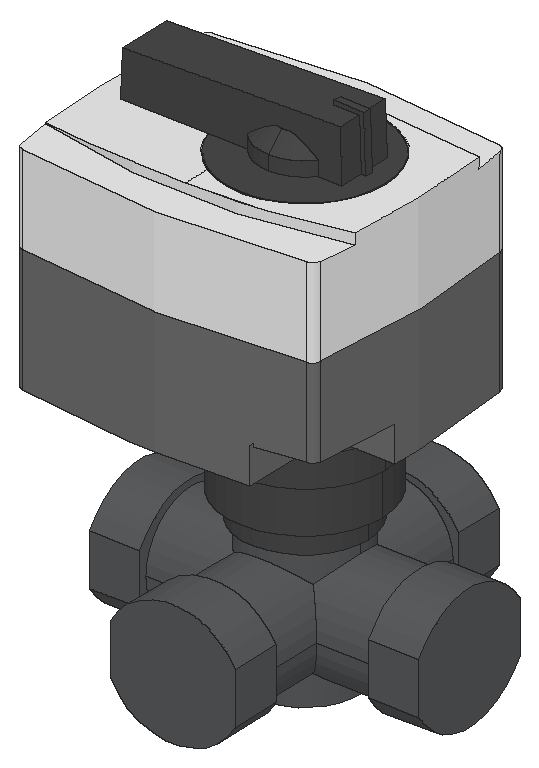
Revit family "HRE4_DN20-50_AMB 162(182)_RFA", category Pipe Accessories, Revit 2019
Family settings
  Round Connector Dimension = Use Diameter
  Part Type = Valve - Breaks Into
  OmniClass Number = 23.65.55.14.17
  OmniClass Title = Adjusting/Controlling Valves for Liquid Services
  Work Plane-Based = No
  Always vertical = Yes
  Cut with Voids When Loaded = No
  Shared = No
Parameters (values of type "HRE4_DN20_065Z0423")
  connector length = 16 mm
  horizontal body diameter = 36 mm
  h2 = 22.5 mm
  h1 = 22.5 mm
  diameter3 = 36 mm
  diameter2 = 40.7 mm
  diameter1 = 50 mm
  connector width = 40 mm
  connector radius = 23 mm
  connector height = 16.5 mm
  Weight = 1.10 kg
  W = A + A  # 105 mm
  Voltage = if(or(Actuator Type = [082H0273], Actuator Type = [082H0228], Actuator Type = [082H0225], Actuator Type = [082H0226], Actuator Type = [082H0229], Actuator Type = [082H0227], Actuator Type = [082H0277], Actuator Type = [082H0240], Actuator Type = [082H0239], Actuator Type = [082H0232]), 230 V, 24 V)  # 24 V
  Valve Body Material = Danfoss Cast Iron
  URL = "https://store.danfoss.com/en/Climate-Solutions-for-heating/Motorised-Control-Valves-/Rotary-Valves/Valves-for-Central-Heating/c/4115?q=%3Arelevance%3Adanfoss_producttypehierarchydesc%3A0213e92a84e856f12a2432f4b34d33a22c7778d2&text="
  Pressure Drop [instance] = 0.0 Pa
  Power = if(or(Actuator Type = [082H0277], Actuator Type = [082H0276], Actuator Type = [082H0240], Actuator Type = [082H0239], Actuator Type = [082H0232], Actuator Type = [082H0236], Actuator Type = [082H0235], Actuator Type = [082H0231], Actuator Type = [082H0241]), 3.5 VA, 2.5 VA)  # 2.5 VA
  Operating Torque = "5 Nm"  # constant formula
  Nominal Pressure = "PN 6"  # constant formula
  Model Type = "HRE4_DN20"
  Model = "065Z0423"
  Min Medium Temperature = "2°C"  # constant formula
  Max Medium Temperature = "110 °C"  # constant formula
  Manufacturer = "Danfoss"  # constant formula
  LOD 350 = not(LOD 200)  # yes
  LOD 200 = no
  L = 105 mm
  Kvs = 6.3 m³/h
  IfcExportType = "HRE4"  # constant formula
  IfcExportAs = "IfcValveType"  # constant formula
  Ha = 145.185 mm
  H = 168.185 mm
  Flow [instance] = 0.0 m³/h
  Description = "Motorized Control Valve"  # constant formula
  D = 20 mm
  Connection = "Internal Thread"  # constant formula
  Actuator Type = AMB 162(182)_RFA : AMB 162_3-point_24V_30s/°_082H0211_082H0216
  A = 52.5 mm
  082H0277 = AMB 162(182)_RFA : AMB 182_2-point_230V_60s/°_082H0275_082H0277
  082H0276 = AMB 162(182)_RFA : AMB 182_2-point_24V_60s/°_082H0274_082H0276
  082H0273 = AMB 162(182)_RFA : AMB 162_2-point_230V_15s/°_082H0271_082H0273
  082H0241 = AMB 162(182)_RFA : AMB 182_Modulating_24V_60/90/120s/°_082H0241
  082H0240 = AMB 162(182)_RFA : AMB 182_3-point_230V_240s/°_082H0238_082H0240
  082H0239 = AMB 162(182)_RFA : AMB 182_3-point_230V_60s/°_082H0237_082H0239
  082H0236 = AMB 162(182)_RFA : AMB 182_3-point_24V_240s/°_082H0234_082H0236
  082H0235 = AMB 162(182)_RFA : AMB 182_3-point_24V_60s/°_082H0233_082H0235
  082H0232 = AMB 162(182)_RFA : AMB 182_3-point_230V_60s/°_10Nm_082H0232
  082H0231 = AMB 162(182)_RFA : AMB 182_3-point_24V_60s/°_10Nm_082H0231
  082H0229 = AMB 162(182)_RFA : AMB 162_3-point_230V_480s/°_082H0224_082H0229
  082H0228 = AMB 162(182)_RFA : AMB 162_3-point_230V_120s/°_082H0223_082H0228
  082H0227 = AMB 162(182)_RFA : AMB 162_3-point_230V_60s/°_082H0222_082H0227
  082H0226 = AMB 162(182)_RFA : AMB 162_3-point_230V_30s/°_082H0221_082H0226
  082H0225 = AMB 162(182)_RFA : AMB 162_3-point_230V_15s/°_082H0220_082H0225
Types (6, lengths in mm): name | connector length | horizontal body diameter | h2 | h1 | diameter3 | diameter2 | diameter1 | connector width | connector radius | connector height | Weight | W | Model Type | Model | L | Kvs | Ha | H | D | A
  (no name) | 16 | 36 | 22.5 | 22.5 | 36 | 40.7 | 50 | 40 | 23 | 16.5 | 1.10 kg | 105 | "HRE4_DN20" | "065Z0423" | 105 | 6.3 m³/h | 145.185 | 168.185 | 20 | 52.5
  HRE4_DN20_065Z0423 | 16 | 36 | 22.5 | 22.5 | 36 | 40.7 | 50 | 40 | 23 | 16.5 | 1.10 kg | 105 | "HRE4_DN20" | "065Z0423" | 105 | 6.3 m³/h | 145.185 | 168.185 | 20 | 52.5
  HRE4_DN25_065Z0424 | 16 | 44 | 25 | 26 | 45 | 49.7 | 60 | 46 | 27 | 21.2 | 1.40 kg | 108 | "HRE4_DN25" | "065Z0424" | 108 | 10.0 m³/h | 148.685 | 173.685 | 25 | 54
  HRE4_DN32_065Z0425 | 16 | 51 | 30.5 | 36 | 51 | 55.8 | 66 | 55 | 31.5 | 21.3 | 1.90 kg | 115 | "HRE4_DN32" | "065Z0425" | 115 | 16.0 m³/h | 158.685 | 188.685 | 32 | 57.5
  HRE4_DN40_065Z0426 | 20 | 60 | 31 | 36 | 58 | 62.8 | 73 | 60 | 34 | 24.7 | 2.30 kg | 120 | "HRE4_DN40" | "065Z0426" | 120 | 25.0 m³/h | 158.685 | 189.685 | 40 | 60
  HRE4_DN50_065Z0427 | 20 | 72 | 34 | 42 | 71 | 75.9 | 86 | 80 | 45 | 32.9 | 4.20 kg | 156 | "HRE4_DN50" | "065Z0427" | 156 | 40.0 m³/h | 164.685 | 205.685 | 50 | 78
Reference planes
  plane 1 "Center (Front/Back)": y = 0
  plane 2: z = 0
  plane 3 "Center (Left/Right)": x = 0
  plane 4: x = -52.5
  plane 5: x = 52.5
  plane 6: z = 30.5
  plane 7: y = 52.5
  plane 8: z = 44.5
  plane 9: z = 46
  plane 10: z = 22.5
  plane 11: z = -22.5
  plane 12: x = -36.5
  plane 13: x = 36.5
  plane 14: z = -18
  plane 15: z = 18
  plane 16: y = -20
  plane 17: y = 20
  plane 18: y = -27.5
  plane 19: y = 27.5
  plane 20: y = 36.5
  plane 21: x = 20
  plane 22: x = -20
  plane 23: y = -52.5
  plane 24: z = 605.203
  plane 25: z = 89.035
  plane 26: z = -22.5
  plane 27: y = -52.5
  plane 28: y = -36.5
  plane 29: z = 145.185
  plane 30: z = -23
Forms (mm)
  Extrusion 1, solid, material "Danfoss Plastic Black", visible <- "LOD 350", detail levels fine
    sketch origin (0, 0, 0) x (1, 0, 0) y (0, 1, 0)
      loop
        circle (0, 0) r 5.8
    from 44.5 to 46
  Extrusion 2, solid, material "Danfoss Plastic Black", visible <- "LOD 350", detail levels fine
    sketch origin (0, 0, 0) x (1, 0, 0) y (0, 1, 0)
      loop
        circle (0, 0) r 25
    from 30.5 to 44.5
  Extrusion 3, solid, material "Danfoss Plastic Black", visible <- "LOD 350", detail levels fine
    sketch origin (0, 0, 0) x (1, 0, 0) y (0, 1, 0)
      loop
        circle (0, 0) r 20.35
    from 22.5 to 30.5
  Extrusion 4, solid, material "Danfoss Cast Iron" <- "Valve Body Material", detail levels fine
    sketch origin (0, 0, 0) x (1, 0, 0) y (0, 1, 0)
      loop
        circle (0, 0) r 18
    from -22.5 to 22.5
  Extrusion 5, solid, material "Danfoss Cast Iron" <- "Valve Body Material", visible <- "LOD 350", detail levels fine
    sketch origin (0, 0, 0) x (0, 1, 0) y (0, 0, 1)
      loop
        circle (0, 0) r 18
    from -36.5 to 36.5
  Extrusion 6, solid, material "Danfoss Cast Iron" <- "Valve Body Material", visible <- "LOD 350", detail levels fine
    sketch origin (0, 0, 0) x (0, 1, 0) y (0, 0, 1)
      loop
        arc (-20, -8.25) -> (0, -19.892) -> (20, -8.25) r 23
        line (20, -8.25) -> (20, 8.25)
        arc (20, 8.25) -> (0, 19.892) -> (-20, 8.25) r 23
        line (-20, 8.25) -> (-20, -8.25)
    from 36.5 to 52.5
  Extrusion 7, solid, material "Danfoss Cast Iron" <- "Valve Body Material", visible <- "LOD 350", detail levels fine
    sketch origin (19.35, 72.838, 0) x (-1, 0, 0) y (0, 0, 1)
      loop
        arc (-0.65, -8.25) -> (19.35, -19.892) -> (39.35, -8.25) r 23
        line (39.35, -8.25) -> (39.35, 8.25)
        arc (39.35, 8.25) -> (19.35, 19.892) -> (-0.65, 8.25) r 23
        line (-0.65, 8.25) -> (-0.65, -8.25)
    from -36.338 to -20.338
  Extrusion 8, solid, material "Danfoss Cast Iron" <- "Valve Body Material", visible <- "LOD 350", detail levels fine
    sketch origin (55.623, 150.351, 0) x (-1, 0, 0) y (0, 0, 1)
      loop
        circle (55.623, 0) r 18
    from -186.851 to -113.851
  Extrusion 9, solid, material "Danfoss Cast Iron" <- "Valve Body Material", visible <- "LOD 350", detail levels fine
    sketch origin (0, 0, 0) x (0, 1, 0) y (0, 0, 1)
      loop
        arc (-20, -8.25) -> (0, -19.892) -> (20, -8.25) r 23
        line (20, -8.25) -> (20, 8.25)
        arc (20, 8.25) -> (0, 19.892) -> (-20, 8.25) r 23
        line (-20, 8.25) -> (-20, -8.25)
    from -52.5 to -36.5
  Extrusion 10, solid, material "Danfoss Cast Iron" <- "Valve Body Material", visible <- "LOD 200", detail levels fine
    sketch origin (0, 0, 0) x (0, 1, 0) y (0, 0, 1)
      loop
        circle (0, 0) r 20
    from -52.5 to 52.5
  Extrusion 11, solid, material "Danfoss Plastic Black", visible <- "LOD 200", detail levels fine
    sketch origin (0, 0, 0) x (1, 0, 0) y (0, 1, 0)
      loop
        circle (0, 0) r 25
    from 22.5 to 46
  Extrusion 12, solid, material "Danfoss Cast Iron" <- "Valve Body Material", visible <- "LOD 200", detail levels fine
    sketch origin (0, 0, 0) x (1, 0, 0) y (0, 0, 1)
      loop
        circle (0, 0) r 20
    from -52.5 to 52.5
  Extrusion 13, solid, material "Danfoss Cast Iron" <- "Valve Body Material", visible <- "LOD 350", detail levels fine
    sketch origin (19.35, -72.838, 0) x (-1, 0, 0) y (0, 0, -1)
      loop
        line (-0.65, 8.25) -> (-0.65, -8.25)
        arc (-0.65, -8.25) -> (19.35, -19.892) -> (39.35, -8.25) r 23
        line (39.35, -8.25) -> (39.35, 8.25)
        arc (39.35, 8.25) -> (19.35, 19.892) -> (-0.65, 8.25) r 23
    from -36.338 to -20.338
Dimensions and locks
  equal spacing: plane 5, plane 3 "Center (Left/Right)", plane 4
  "L": plane 5 to plane 4
  "A": plane 7 to plane 1 "Center (Front/Back)"
  locked: plane 8 to plane 6 at 14
  locked: plane 9 to plane 8 at 1.5
  locked: plane 6 to plane 10 at 8
  "h1": plane 10 to level
  "h2": level to plane 11
  equal spacing: plane 15, level, plane 14
  "horizontal body diameter": plane 15 to plane 14
  equal spacing: plane 16, plane 1 "Center (Front/Back)", plane 17
  "connector width": plane 16 to plane 17
  "connector length": plane 13 to plane 5
  "connector length": plane 12 to plane 4
  equal spacing: Extrusion 6 sketch curve, level, Extrusion 6 sketch curve  (x2)
  "connector height": Extrusion 6 sketch curve to Extrusion 6 sketch curve  (x2)
  "connector length": plane 7 to plane 20
  "connector height": Extrusion 7 sketch curve to Extrusion 7 sketch curve  (x2)
  equal spacing: plane 22, plane 3 "Center (Left/Right)", plane 21
  "connector width": plane 22 to plane 21
  equal spacing: Extrusion 7 sketch curve, level, Extrusion 7 sketch curve  (x2)
  "connector height": Extrusion 9 sketch curve to Extrusion 9 sketch curve  (x2)
  equal spacing: Extrusion 9 sketch curve, level, Extrusion 9 sketch curve  (x2)
  "W": plane 23 to plane 7
  locked: plane 25 to plane 9 at 43.035
  "A": plane 27 to plane 1 "Center (Front/Back)"
  "connector length": plane 28 to plane 27
  "connector height": Extrusion 13 sketch curve to Extrusion 13 sketch curve  (x2)
  equal spacing: Extrusion 13 sketch curve, level, Extrusion 13 sketch curve  (x2)
  plane 9 to nested 2 = 4 mm
  "H": plane 29 to plane 30
  "Ha": plane 29 to level
  "diameter1": diameter of Extrusion 2 sketch curve
  "diameter2": diameter of Extrusion 3 sketch curve
  "diameter3": diameter of Extrusion 4 sketch curve
  "horizontal body diameter": diameter of Extrusion 5 sketch curve
  "connector radius": radius of Extrusion 6 sketch curve  (x2)
  "connector radius": radius of Extrusion 7 sketch curve  (x2)
  "horizontal body diameter": diameter of Extrusion 8 sketch curve
  "connector radius": radius of Extrusion 9 sketch curve  (x2)
  "connector width": diameter of Extrusion 10 sketch curve
  "diameter1": diameter of Extrusion 11 sketch curve
  "connector width": diameter of Extrusion 12 sketch curve
  "connector radius": radius of Extrusion 13 sketch curve  (x2)
  aligned and locked: level to plane 2
  aligned and locked: plane 9 to Extrusion 1
  aligned and locked: Extrusion 1 to plane 8
  aligned and locked: plane 6 to Extrusion 2
  aligned and locked: plane 8 to Extrusion 2
  aligned and locked: Extrusion 3 to plane 10
  aligned and locked: Extrusion 3 to plane 6
  aligned and locked: Extrusion 4 to plane 11
  aligned and locked: plane 10 to Extrusion 4
  aligned and locked: plane 12 to Extrusion 5
  aligned and locked: Extrusion 5 to plane 13
  aligned and locked: plane 13 to Extrusion 6
  aligned and locked: plane 5 to Extrusion 6
  aligned and locked: plane 16 to Extrusion 6 sketch curve
  aligned and locked: Extrusion 7 to plane 20
  aligned and locked: plane 7 to Extrusion 7
  aligned and locked: plane 21 to Extrusion 7 sketch curve
  aligned and locked: plane 22 to Extrusion 7 sketch curve
  aligned and locked: plane 20 to Extrusion 8
  aligned and locked: Extrusion 9 to plane 4
  aligned and locked: Extrusion 9 to plane 12
  aligned and locked: Extrusion 10 to plane 4
  aligned and locked: plane 5 to Extrusion 10
  aligned and locked: plane 9 to Extrusion 11
  aligned and locked: Extrusion 11 to plane 10
  aligned and locked: plane 7 to Extrusion 12
  aligned and locked: Extrusion 8 to plane 28
  aligned and locked: Extrusion 12 to plane 27
  aligned and locked: plane 28 to Extrusion 13
  aligned and locked: Extrusion 13 to plane 27
  aligned and locked: plane 1 "Center (Front/Back)" to nested 2
  aligned and locked: plane 3 "Center (Left/Right)" to nested 2
  aligned and locked: plane 8 to nested 2
Automatic sketch dimensions
  plane 1 "Center (Front/Back)" to Extrusion 1 sketch curve = 0 mm
  Extrusion 1 sketch curve to plane 3 "Center (Left/Right)" = 0 mm
  plane 1 "Center (Front/Back)" to Extrusion 2 sketch curve = 0 mm
  Extrusion 2 sketch curve to plane 3 "Center (Left/Right)" = 0 mm
  plane 1 "Center (Front/Back)" to Extrusion 3 sketch curve = 0 mm
  Extrusion 3 sketch curve to plane 3 "Center (Left/Right)" = 0 mm
  plane 1 "Center (Front/Back)" to Extrusion 4 sketch curve = 0 mm
  Extrusion 4 sketch curve to plane 3 "Center (Left/Right)" = 0 mm
  Extrusion 5 sketch curve to level = 0 mm
  Extrusion 5 sketch curve to plane 1 "Center (Front/Back)" = 0 mm
  Extrusion 6 sketch curve to plane 1 "Center (Front/Back)" = 0 mm
  Extrusion 8 sketch curve to level = 0 mm
  Extrusion 8 sketch curve to plane 3 "Center (Left/Right)" = 0 mm
  Extrusion 9 sketch curve to plane 16 = 0 mm
  Extrusion 9 sketch curve to plane 1 "Center (Front/Back)" = 0 mm
  Extrusion 10 sketch curve to level = 0 mm
  Extrusion 10 sketch curve to plane 1 "Center (Front/Back)" = 0 mm
  plane 1 "Center (Front/Back)" to Extrusion 11 sketch curve = 0 mm
  Extrusion 11 sketch curve to plane 3 "Center (Left/Right)" = 0 mm
  Extrusion 12 sketch curve to level = 0 mm
  Extrusion 12 sketch curve to plane 3 "Center (Left/Right)" = 0 mm
  plane 21 to Extrusion 13 sketch curve = 0 mm
  Extrusion 13 sketch curve to plane 3 "Center (Left/Right)" = 0 mm
  radius of Extrusion 1 sketch curve = 5.8 mm
Nested families
  nested 1: "HRE4 Symbol_Actuator" at (0, 0, 0), horiontal body diameter <- "horizontal body diameter", A <- "A", length <- "L", type "HRE4 Symbol_Actuator", detail levels coarse+medium
    with length 105 mm, horiontal body diameter 36 mm, D/2 18 mm, A 52.5 mm
  nested 2: "AMB 162(182)_RFA" at (0, 0, 44.5), LOD 200 <- "LOD 200", Voltage <- "Voltage", Power <- "Power", type <- "Actuator Type", type "AMB 162_3-point_24V_30s/°_082H0211_082H0216", detail levels fine
    with Voltage 24 V, Power 2.5 VA, LOD 350 yes, LOD 200 no
Connectors
  piping at (52.5, 0, 0), diameter 20, driven by "D", driven by "Flow"
    settings: on Extrusion 6, index 1, connector inside diameter 609.6 mm, connector length 0 mm, flow factor 0, pipe flow 0.0 m³/h, pressure drop 0.0 Pa, fitting loss kfactor 0, connector angle 0.00°, fixture units 0, engagement length 0 mm, angle of deflection 0.00°, flow configuration 0, flow direction 0, fitting loss method 0, system type 29, joint type 0, gender type 0, connector reference index 4, connector utility 0, adjustable connector no, is connector primary yes, connector description ""
  piping at (-52.5, 0, 0), diameter 20, driven by "D", driven by "Flow"
    settings: on Extrusion 9, index 2, connector inside diameter 609.6 mm, connector length 0 mm, flow factor 0, pipe flow 0.0 m³/h, pressure drop 0.0 Pa, fitting loss kfactor 0, connector angle 0.00°, fixture units 0, engagement length 0 mm, angle of deflection 0.00°, flow configuration 0, flow direction 0, fitting loss method 0, system type 29, joint type 0, gender type 0, connector reference index 3, connector utility 0, adjustable connector no, is connector primary no, connector description ""
  piping at (0, 52.5, 0), diameter 20, driven by "D", driven by "Flow"
    settings: on Extrusion 12, index 3, connector inside diameter 609.6 mm, connector length 0 mm, flow factor 0, pipe flow 0.0 m³/h, pressure drop 0.0 Pa, fitting loss kfactor 0, connector angle 0.00°, fixture units 0, engagement length 0 mm, angle of deflection 0.00°, flow configuration 0, flow direction 0, fitting loss method 0, system type 29, joint type 0, gender type 0, connector reference index 2, connector utility 0, adjustable connector no, is connector primary no, connector description ""
  piping at (0, -52.5, 0), diameter 20, driven by "D", driven by "Flow"
    settings: on Extrusion 13, index 4, connector inside diameter 609.6 mm, connector length 0 mm, flow factor 0, pipe flow 0.0 m³/h, pressure drop 0.0 Pa, fitting loss kfactor 0, connector angle 0.00°, fixture units 0, engagement length 0 mm, angle of deflection 0.00°, flow configuration 0, flow direction 0, fitting loss method 0, system type 29, joint type 0, gender type 0, connector reference index 1, connector utility 0, adjustable connector no, is connector primary no, connector description ""
  electrical at (0, 0, 0), driven by "Voltage", driven by "Power"
    settings: index 10, voltage 24 V, apparent load 0 VA, apparent load phase1 2.5 VA, apparent load phase2 0 VA, apparent load phase3 0 VA, power factor 0.95, load classification "HVAC", number of poles 1, system type 31, power factor state 1, is connector primary yes, connector utility no, sub classification motor no, connector description ""
Definition of nested family "AMB 162(182)_RFA"
  Parameters (values of type "AMB 182_Modulating_24V_60/90/120s/°_082H0241")
    With Auxiliary Switch = "NA"
    Weight = 0.80 kg
    W = 84 mm
    Voltage [instance] = 24 V
    URL = "https://store.danfoss.com/en/Climate-Solutions-for-heating/Motorised-Control-Valves/Actuators-without-safety-function-for-rotary-valves/c/4113?q=%3Arelevance&text="
    Type Comments = ""
    Speed = "60/90/120 s/°"
    Power Supply = "24 VAC/DC"
    Power Consumption = "3.5 VA"
    Power [instance] = 3.5 VA
    Operating Torque = "15 Nm"
    Model Type = "AMB 182_Modulating_24V_60/90/120s/°"
    Model = "082H0241"
    Min Ambient Temperature = "0 °C"  # constant formula
    Max Medium Temperature = "110 °C"  # constant formula
    Max Ambient Temperature = "50 °C"  # constant formula
    Manufacturer = "Danfoss"  # constant formula
    LOD 350 [instance] = not(LOD 200)  # yes
    LOD 200 [instance] = no
    L = 101 mm
    IfcExportType = "AMB Actuator"  # constant formula
    IfcExportAs = "IfcActuatorType"  # constant formula
    H = 100.685 mm
    For Rotary Valve DN = "DN15-150"
    Description = "Gear Actuator"  # constant formula
    Control Input Signal = "Modulating"
    Body Material = none
  Types (22, lengths in mm): name | With Auxiliary Switch | Weight | Voltage | Speed | Power Supply | Power Consumption | Power | Operating Torque | Model Type | Model | For Rotary Valve DN | Control Input Signal
    AMB 162_2-point_24V_15s/°_082H0270_082H0272 | "082H0272" | 0.70 kg | 24 V | "15 s/°" | "24 VAC" | "2.5 VA" | 2.5 VA | "5 Nm" | "AMB 162_2-point_24V_15s/°" | "082H0270, 082H0272" | "DN15-50" | "2-point"
    AMB 162_3-point_230V_15s/°_082H0220_082H0225 | "082H0225" | 0.70 kg | 230 V | "15 s/°" | "230 VAC" | "2.5 VA" | 2.5 VA | "5 Nm" | "AMB 162_3-point_230V_15s/°" | "082H0220, 082H0225" | "DN15-50" | "3-point"
    AMB 162_2-point_230V_15s/°_082H0271_082H0273 | "082H0273" | 0.70 kg | 230 V | "15 s/°" | "230 VAC" | "2.5 VA" | 2.5 VA | "5 Nm" | "AMB 162_2-point_230V_15s/°" | "082H0271, 082H0273" | "DN15-50" | "2-point"
    AMB 162_3-point_24V_15s/°_082H0210_082H0215 | "082H0215" | 0.70 kg | 24 V | "15 s/°" | "24 VAC" | "2.5 VA" | 2.5 VA | "5 Nm" | "AMB 162_3-point_24V_15s/°_" | "082H0210, 082H0215" | "DN15-50" | "3-point"
    AMB 162_3-point_24V_30s/°_082H0211_082H0216 | "082H0216" | 0.70 kg | 24 V | "30 s/°" | "24 VAC" | "2.5 VA" | 2.5 VA | "5 Nm" | "AMB 162_3-point_24V_30s/°" | "082H0211, 082H0216" | "DN15-50" | "3-point"
    AMB 162_3-point_24V_60s/°_082H0212_082H0217 | "082H0217" | 0.70 kg | 24 V | "60 s/°" | "24 VAC" | "2.5 VA" | 2.5 VA | "5 Nm" | "AMB 162_3-point_24V_60s/°" | "082H0212, 082H0217" | "DN15-50" | "3-point"
    AMB 162_3-point_24V_120s/°_082H0213_082H0218 | "082H0218" | 0.70 kg | 24 V | "120 s/°" | "24 VAC" | "2.5 VA" | 2.5 VA | "5 Nm" | "AMB 162_3-point_24V_120s/°" | "082H0213, 082H0218" | "DN15-50" | "3-point"
    AMB 162_3-point_24V_480s/°_082H0214_082H0219 | "082H0219" | 0.70 kg | 24 V | "120 s/°" | "24 VAC" | "2.5 VA" | 2.5 VA | "5 Nm" | "AMB 162_3-point_24V_480s/°" | "082H0214, 082H0219" | "DN15-50" | "3-point"
    AMB 162_3-point_230V_30s/°_082H0221_082H0226 | "082H0226" | 0.70 kg | 230 V | "30 s/°" | "230 VAC" | "2.5 VA" | 2.5 VA | "5 Nm" | "AMB 162_3-point_230V_30s/°" | "082H0221, 082H0226" | "DN15-50" | "3-point"
    AMB 162_3-point_230V_60s/°_082H0222_082H0227 | "082H0227" | 0.70 kg | 230 V | "60 s/°" | "230 VAC" | "2.5 VA" | 2.5 VA | "5 Nm" | "AMB 162_3-point_230V_60s/°" | "082H0222, 082H0227" | "DN15-50" | "3-point"
    AMB 162_3-point_230V_120s/°_082H0223_082H0228 | "082H0228" | 0.70 kg | 230 V | "120 s/°" | "230 VAC" | "2.5 VA" | 2.5 VA | "5 Nm" | "AMB 162_3-point_230V_120s/°" | "082H0223, 082H0228" | "DN15-50" | "3-point"
    AMB 162_3-point_230V_480s/°_082H0224_082H0229 | "082H0229" | 0.70 kg | 230 V | "480 s/°" | "230 VAC" | "2.5 VA" | 2.5 VA | "5 Nm" | "AMB 162_3-point_230V_480s/°" | "082H0224, 082H0229" | "DN15-50" | "3-point"
    AMB 162_Modulating_24V_60/90/120s/°_082H0230 | "NA" | 0.70 kg | 24 V | "60/90/120 s/°" | "24 VAC/DC" | "2.5 VA" | 2.5 VA | "5 Nm" | "AMB 162_Modulating_24V_60/90/120s/°" | "082H0230" | "DN15-50" | "Modulating"
    AMB 182_2-point_230V_60s/°_082H0275_082H0277 | "082H0277" | 0.80 kg | 230 V | "60 s/°" | "230 VAC" | "2.5 VA" | 3.5 VA | "15 Nm" | "AMB 182_2-point_230V_60s/°" | "082H0275, 082H0277" | "DN15-150" | "2-point"
    AMB 182_2-point_24V_60s/°_082H0274_082H0276 | "082H0276" | 0.80 kg | 24 V | "60 s/°" | "24 VAC" | "2.5 VA" | 3.5 VA | "15 Nm" | "AMB 182_2-point_24V_60s/°" | "082H0274, 082H0276" | "DN15-150" | "2-point"
    AMB 182_3-point_230V_60s/°_082H0237_082H0239 | "082H0239" | 0.80 kg | 230 V | "60 s/°" | "230 VAC" | "3.5 VA" | 3.5 VA | "15 Nm" | "AMB 182_3-point_230V_60s/°" | "082H0237, 082H0239" | "DN15-150" | "3-point"
    AMB 182_3-point_24V_60s/°_082H0233_082H0235 | "082H0235" | 0.80 kg | 24 V | "60 s/°" | "24 VAC" | "3.5 VA" | 3.5 VA | "15 Nm" | "AMB 182_3-point_24V_60s/°" | "082H0233, 082H0235" | "DN15-150" | "3-point"
    AMB 182_3-point_24V_60s/°_10Nm_082H0231 | "NA" | 0.80 kg | 24 V | "60 s/°" | "24 VAC" | "3.5 VA" | 3.5 VA | "10 Nm" | "AMB 182_3-point_24V_60s/°_10Nm" | "082H0231" | "DN15-100" | "3-point"
    AMB 182_3-point_230V_60s/°_10Nm_082H0232 | "NA" | 0.80 kg | 230 V | "60 s/°" | "230 VAC" | "3.5 VA" | 3.5 VA | "10 Nm" | "AMB 182_3-point_230V_60s/°_10Nm" | "082H0232" | "DN15-100" | "3-point"
    AMB 182_3-point_24V_240s/°_082H0234_082H0236 | "082H0236" | 0.80 kg | 24 V | "240 s/°" | "24 VAC" | "3.5 VA" | 3.5 VA | "15 Nm" | "AMB 182_3-point_24V_240s/°" | "082H0234, 082H0236" | "DN15-150" | "3-point"
    AMB 182_3-point_230V_240s/°_082H0238_082H0240 | "082H0240" | 0.80 kg | 230 V | "240 s/°" | "230 VAC" | "3.5 VA" | 3.5 VA | "15 Nm" | "AMB 182_3-point_230V_240s/°" | "082H0238, 082H0240" | "DN15-150" | "3-point"
    AMB 182_Modulating_24V_60/90/120s/°_082H0241 | "NA" | 0.80 kg | 24 V | "60/90/120 s/°" | "24 VAC/DC" | "3.5 VA" | 3.5 VA | "15 Nm" | "AMB 182_Modulating_24V_60/90/120s/°" | "082H0241" | "DN15-150" | "Modulating"
  Reference planes
    plane 1 "Center (Front/Back)": y = 0
    plane 2: z = 0
    plane 3 "Center (Left/Right)": x = 0
    plane 4: z = 9.5
    plane 5: y = -41.931
    plane 6: y = 42.069
    plane 7: x = 36.5
    plane 8: x = -64.5
    plane 9: y = 36.069
    plane 10: x = 30.5
    plane 11: x = -61.5
    plane 12: x = 33.5
    plane 13: y = 39.069
    plane 14: y = -38.931
    plane 15: x = -58.5
    plane 16: y = -35.931
    plane 17: x = -14
    plane 18: z = 49.5
    plane 19: y = 36.069
    plane 20: x = 160.5
    plane 21: x = 68.5
    plane 22: x = 163.5
    plane 23: y = 39.069
    plane 24: y = -38.931
    plane 25: x = 71.5
    plane 26: y = -35.931
    plane 27: x = 116
    plane 28: z = 81.472
    plane 29: y = -9.5
    plane 30: z = 100.685
  Forms (mm)
    Revolve 1, solid, detail levels fine
      sketch origin (0, 0, 0) x (1, 0, 0) y (0, 0, 1)
        loop
          line (0, 9.5) -> (0, 0) -> (26, 0) -> (26, 9.5) -> (0, 9.5)
        axis (0, 9.5) -> (0, 0)
      angle from 0 to 360
    Extrusion 2, solid, visible <- "LOD 350", detail levels fine
      sketch origin (0, 0, 0) x (1, 0, 0) y (0, 0, 1)
        loop
          line (-51.913, 82.5) -> (18.847, 82.5) -> (18.304, 99.204)
          arc (18.304, 99.204) -> (-16.441, 99.254) -> (-51.134, 97.349) r 617.491
          line (-51.134, 97.349) -> (-51.913, 82.5)
      from -9.091 to 8.652
    Extrusion 3, solid, visible <- "LOD 350", detail levels fine
      sketch origin (0, 0, 0) x (1, 0, 0) y (0, 0, 1)
        loop
          line (18.847, 82.5) -> (20.557, 82.5) -> (19.789, 100.4) -> (10.425, 100.685) -> (10.425, 99.387)
          arc (10.425, 99.387) -> (14.365, 99.308) -> (18.304, 99.204) r 617.491
          line (18.304, 99.204) -> (18.847, 82.5)
      from -1.24 to 1.241
    Extrusion 4, solid, material <- "Body Material", visible <- "LOD 350", detail levels fine
      sketch origin (0, 0, 0) x (1, 0, 0) y (0, 1, 0)
        loop
          arc (-59.389, 38.075) -> (-61.013, 37.216) -> (-61.831, 35.571) r 3
          arc (-61.831, 35.571) -> (-64.511, 0) -> (-61.831, -35.571) r 237.436
          arc (-61.831, -35.571) -> (-61.013, -37.216) -> (-59.389, -38.075) r 3
          arc (-59.389, -38.075) -> (-14.052, -42.151) -> (31.314, -38.419) r 265.38
          arc (31.314, -38.419) -> (32.951, -37.564) -> (33.778, -35.913) r 3
          arc (33.778, -35.913) -> (36.5, -0.174) -> (33.83, 35.57) r 238.281
          arc (33.83, 35.57) -> (33.012, 37.216) -> (31.388, 38.076) r 3
          arc (31.388, 38.076) -> (-14.001, 42.069) -> (-59.389, 38.075) r 259.947
      from 9.5 to 49.5
    Extrusion 5, solid, visible <- "LOD 350", detail levels fine
      sketch origin (130, 0, 0) x (1, 0, 0) y (0, 1, 0)
        loop
          arc (-189.389, 38.075) -> (-191.013, 37.216) -> (-191.831, 35.571) r 3
          arc (-191.831, 35.571) -> (-194.511, 0) -> (-191.831, -35.571) r 237.436
          arc (-191.831, -35.571) -> (-191.013, -37.216) -> (-189.389, -38.075) r 3
          arc (-189.389, -38.075) -> (-144.052, -42.151) -> (-98.686, -38.419) r 265.38
          arc (-98.686, -38.419) -> (-97.049, -37.564) -> (-96.222, -35.913) r 3
          arc (-96.222, -35.913) -> (-93.5, -0.174) -> (-96.17, 35.57) r 238.281
          arc (-96.17, 35.57) -> (-96.988, 37.216) -> (-98.612, 38.076) r 3
          arc (-98.612, 38.076) -> (-144.001, 42.069) -> (-189.389, 38.075) r 259.947
      from 49.5 to 81.472
    Extrusion 6, void
      sketch origin (0, 0, 0) x (1, 0, 0) y (0, 1, 0)
        loop
          arc (-61.831, 35.571) -> (-62.54, 30.529) -> (-63.14, 25.473) r 237.436
          arc (-63.14, 25.473) -> (-14.003, 29.568) -> (35.135, 25.473) r 296.829
          arc (35.135, 25.473) -> (34.536, 30.528) -> (33.83, 35.57) r 238.281
          arc (33.83, 35.57) -> (33.012, 37.216) -> (31.388, 38.076) r 3
          arc (31.388, 38.076) -> (-14.001, 42.069) -> (-59.389, 38.075) r 259.947
          arc (-59.389, 38.075) -> (-61.013, 37.216) -> (-61.831, 35.571) r 3
      from 78 to 100.685
    Extrusion 7, void
      sketch origin (0, 0, 0) x (1, 0, 0) y (0, 0, 1)
        loop
          line (-64.511, 49.5) -> (-64.511, 78.145)
          arc (-64.511, 78.145) -> (-39.06, 80.639) -> (-13.5, 81.472) r 392.786
          line (-13.5, 81.472) -> (36.5, 81.472) -> (36.5, 49.5) -> (41.5, 49.5) -> (41.5, 107.508) -> (-69.523, 107.508) -> (-69.523, 49.5) -> (-64.511, 49.5)
      from -62.358 to 46.308
    Extrusion 8, void
      sketch origin (0, 0, 0) x (1, 0, 0) y (0, 1, 0)
        loop
          line (-64.592, -23.625) -> (-62.779, -37.97)
          arc (-62.779, -37.97) -> (-14.187, -43.401) -> (34.407, -37.976) r 220.211
          line (34.407, -37.976) -> (36.595, -23.622)
          arc (36.595, -23.622) -> (-13.998, -30.547) -> (-64.592, -23.625) r 188.309
      from 78 to 100.685
    Revolve 9, solid, visible <- "LOD 350", detail levels fine
      sketch origin (0, 0, 0) x (0, 1, 0) y (0, 0, 1)
        loop
          line (0, 92.255) -> (0, 81.472) -> (10.185, 81.472) -> (10.185, 82.472) -> (14.169, 82.472) -> (14.169, 87.094) -> (9.007, 92.255) -> (0, 92.255)
        axis (0, 92.255) -> (0, 81.472)
      angle from 0 to 360
    Extrusion 10, solid, visible <- "LOD 350", detail levels fine
      sketch origin (0, 0, 0) x (1, 0, 0) y (0, 1, 0)
        loop
          circle (0, 0) r 25.661
      from 49.5 to 81.472
    Extrusion 11, void
      sketch origin (0, 0, 0) x (1, 0, 0) y (0, 0, 1)
        loop
          line (15.14, 9.5) -> (36.5, 9.5) -> (36.5, 20.859) -> (15.14, 20.859) -> (15.14, 9.5)
      from 9.5 to 49.81
    Extrusion 12, void
      sketch origin (0, 0, 0) x (1, 0, 0) y (0, 1, 0)
        loop
          circle (0, 0) r 26
      from 78 to 82.5
    Extrusion 13, solid, material <- "Body Material", visible <- "LOD 200", detail levels fine
      sketch origin (0, 0, 0) x (1, 0, 0) y (0, 1, 0)
        loop
          line (-64.5, 42.069) -> (-64.5, -41.931) -> (36.5, -41.931) -> (36.5, 42.069) -> (-64.5, 42.069)
      from 9.5 to 49.5
    Extrusion 14, solid, visible <- "LOD 200", detail levels fine
      sketch origin (0, 0, 0) x (1, 0, 0) y (0, 1, 0)
        loop
          line (-64.5, 42.069) -> (-64.5, -41.931) -> (36.5, -41.931) -> (36.5, 42.069) -> (-64.5, 42.069)
      from 49.5 to 81.472
    Extrusion 15, solid, visible <- "LOD 200", detail levels fine
      sketch origin (0, 0, 0) x (1, 0, 0) y (0, 1, 0)
        loop
          circle (0, 0) r 25.661
      from 81.472 to 82.5
    Extrusion 16, solid, visible <- "LOD 200", detail levels fine
      sketch origin (0, 0, 0) x (1, 0, 0) y (0, 0, 1)
        loop
          line (-51.913, 82.5) -> (20.557, 82.5) -> (20.557, 100.685) -> (-51.913, 100.685) -> (-51.913, 82.5)
      from -9.09 to 8.65
    Extrusion 17, solid
      sketch origin (0, 0, 0) x (1, 0, 0) y (0, 1, 0)
        loop
          line (-2.5, 13.5) -> (-2.5, 2.5) -> (-13.5, 2.5) -> (-13.5, -2.5) -> (-2.5, -2.5) -> (-2.5, -13.5) -> (2.5, -13.5) -> (2.5, -2.5) -> (13.5, -2.5) -> (13.5, 2.5) -> (2.5, 2.5) -> (2.5, 13.5) -> (-2.5, 13.5)
      from 0 to -2.5
  Cuts and joins
    Extrusion 6, Extrusion 7, Extrusion 8, Extrusion 12 cuts Extrusion 5
    Extrusion 11, Extrusion 12 cuts Extrusion 4
    Extrusion 12 cuts Revolve 1
  Dimensions and locks
    Revolve 1 sketch curve to plane 3 "Center (Left/Right)" = 26 mm
    "W": plane 6 to plane 5
    "L": plane 7 to plane 8
    locked: plane 29 to plane 1 "Center (Front/Back)" at 9.5
    "H": plane 30 to level
    plane 6 to plane 5 = 84 mm
    plane 4 to plane 2 = 9.5 mm
    locked: plane 18 to plane 4 at 40
    locked: plane 28 to plane 18 at 31.972
    locked: plane 30 to plane 28 at 19.213
    locked: Extrusion 15 to plane 28 at 1.028
    locked: cut or joined group of Extrusion 4, Extrusion 11, Extrusion 12 to plane 4 at 11.359
    plane 28 to cut or joined group of Extrusion 5, Extrusion 6, Extrusion 7, Extrusion 8, Extrusion 12 = 3.472 mm
    equal spacing: Extrusion 17 sketch curve, plane 3 "Center (Left/Right)", Extrusion 17 sketch curve  (x2)
    Extrusion 17 sketch curve to Extrusion 17 sketch curve = 5 mm  (x2)
    equal spacing: Extrusion 17 sketch curve, plane 1 "Center (Front/Back)", Extrusion 17 sketch curve  (x2)
    Extrusion 17 sketch curve to Extrusion 17 sketch curve = 27 mm  (x2)
    radius of Extrusion 5 sketch curve = 238.281 mm
    radius of Extrusion 5 sketch curve = 237.436 mm
    radius of Extrusion 5 sketch curve = 265.38 mm
    radius of Extrusion 5 sketch curve = 259.947 mm
    radius of Extrusion 4 sketch curve = 265.38 mm
    radius of Extrusion 4 sketch curve = 259.947 mm
    radius of Extrusion 4 sketch curve = 237.436 mm
    radius of Extrusion 4 sketch curve = 238.281 mm
    radius of Extrusion 10 sketch curve = 25.661 mm
    radius of Extrusion 12 sketch curve = 26 mm
    radius of Extrusion 15 sketch curve = 25.661 mm
    aligned and locked: level to plane 2
    aligned and locked: Revolve 1 sketch curve to plane 3 "Center (Left/Right)"  (x2)
    aligned and locked: Revolve 1 sketch curve to level
    aligned and locked: Revolve 1 sketch curve to plane 4
    aligned and locked: Extrusion 3 sketch curve to Extrusion 2  (x2)
    aligned and locked: Extrusion 4 to plane 4
    aligned and locked: plane 18 to Extrusion 4
    aligned and locked: Extrusion 5 to plane 18
    aligned and locked: Extrusion 6 sketch curve to Extrusion 4  (x5)
    aligned and locked: plane 1 "Center (Front/Back)" to Revolve 9 sketch curve
    aligned and locked: plane 28 to Revolve 9 sketch curve
    aligned and locked: plane 28 to Extrusion 10
    aligned and locked: Extrusion 10 to Extrusion 4
    aligned and locked: plane 7 to Extrusion 11 sketch curve
    aligned and locked: plane 29 to cut or joined group of Extrusion 4, Extrusion 11, Extrusion 12
    aligned and locked: Extrusion 13 sketch curve to plane 6
    aligned and locked: plane 8 to Extrusion 13 sketch curve
    aligned and locked: plane 5 to Extrusion 13 sketch curve
    aligned and locked: Extrusion 13 sketch curve to plane 7
    aligned and locked: plane 18 to Extrusion 13
    aligned and locked: Extrusion 14 sketch curve to Extrusion 13  (x4)
    aligned and locked: Extrusion 14 to plane 18
    aligned and locked: plane 28 to Extrusion 14
    aligned and locked: Extrusion 15 to plane 28
    aligned and locked: Extrusion 13 to plane 4
    aligned and locked: Extrusion 15 to Extrusion 2
    aligned and locked: plane 30 to Extrusion 8
    aligned and locked: Extrusion 11 to plane 4
    aligned and locked: Extrusion 8 to Extrusion 6  (x2)
    aligned and locked: Extrusion 12 to Extrusion 2
    aligned and locked: Extrusion 6 to Extrusion 12
    aligned and locked: plane 28 to Extrusion 5
    aligned and locked: plane 30 to Extrusion 16
    aligned and locked: Extrusion 17 sketch curve to Extrusion 17 sketch curve  (x4)
  Automatic sketch dimensions
    Revolve 1 sketch curve to level = 366.045 mm
    plane 28 to Extrusion 3 sketch curve = 1.028 mm
    Extrusion 3 sketch curve to Extrusion 3 sketch curve = 1.485 mm
    Extrusion 3 sketch curve to Extrusion 3 sketch curve = 1.711 mm
    plane 1 "Center (Front/Back)" to Extrusion 5 sketch curve = 0 mm  (x2)
    Extrusion 5 sketch curve to plane 8 = 137.281 mm
    Extrusion 5 sketch curve to plane 19 = 0.947 mm  (x2)
    plane 8 to Extrusion 5 sketch curve = 5.635 mm  (x2)
    plane 26 to Extrusion 5 sketch curve = 0.81 mm
    Extrusion 5 sketch curve to plane 3 "Center (Left/Right)" = 14 mm
    Extrusion 5 sketch curve to plane 3 "Center (Left/Right)" = 13.048 mm
    plane 26 to Extrusion 5 sketch curve = 0.471 mm
    Extrusion 5 sketch curve to plane 7 = 5.688 mm
    Extrusion 5 sketch curve to plane 7 = 5.636 mm
    plane 22 to Extrusion 5 sketch curve = 9.425 mm
    Extrusion 5 sketch curve to plane 5 = 175.947 mm
    plane 6 to Extrusion 5 sketch curve = 181.159 mm
    Extrusion 5 sketch curve to Extrusion 5 sketch curve = 0 mm  (x4)
    Extrusion 6 sketch curve to plane 3 "Center (Left/Right)" = 14.003 mm
    Extrusion 6 sketch curve to Extrusion 6 sketch curve = 49.382 mm
    plane 8 to Extrusion 6 sketch curve = 1.36 mm
    plane 5 to Extrusion 8 sketch curve = 3.962 mm
    plane 5 to Extrusion 8 sketch curve = 3.956 mm
    Extrusion 8 sketch curve to plane 8 = 0.092 mm
    Extrusion 8 sketch curve to plane 3 "Center (Left/Right)" = 14.003 mm
    plane 7 to Extrusion 8 sketch curve = 0.095 mm
    plane 6 to Extrusion 8 sketch curve = 115.693 mm
    Extrusion 8 sketch curve to Extrusion 8 sketch curve = 19.048 mm
    plane 8 to Extrusion 8 sketch curve = 1.721 mm
    Extrusion 8 sketch curve to plane 7 = 2.093 mm
    Extrusion 8 sketch curve to Extrusion 8 sketch curve = 14.354 mm
    Extrusion 7 sketch curve to plane 18 = 0 mm  (x2)
    Extrusion 7 sketch curve to plane 28 = 0 mm
    Extrusion 7 sketch curve to plane 7 = 0 mm
    Extrusion 7 sketch curve to plane 3 "Center (Left/Right)" = 13.5 mm
    Extrusion 7 sketch curve to plane 8 = 5.023 mm
    plane 7 to Extrusion 7 sketch curve = 5 mm
    Extrusion 7 sketch curve to level = 311.315 mm
    plane 28 to Extrusion 7 sketch curve = 26.036 mm
    Extrusion 7 sketch curve to plane 8 = 0.011 mm
    plane 3 "Center (Left/Right)" to Extrusion 2 sketch curve = 0.049 mm
    Extrusion 2 sketch curve to plane 7 = 18.196 mm
    plane 28 to Extrusion 2 sketch curve = 1.028 mm
    Extrusion 2 sketch curve to Extrusion 2 sketch curve = 0.543 mm
    Extrusion 2 sketch curve to level = 518.017 mm
    plane 8 to Extrusion 2 sketch curve = 12.587 mm
    Revolve 9 sketch curve to plane 1 "Center (Front/Back)" = 9.007 mm
    Revolve 9 sketch curve to Revolve 9 sketch curve = 5.161 mm  (x2)
    Revolve 9 sketch curve to Revolve 9 sketch curve = 4.622 mm
    Revolve 9 sketch curve to Revolve 9 sketch curve = 3.984 mm
    plane 28 to Revolve 9 sketch curve = 1 mm
    plane 1 "Center (Front/Back)" to Extrusion 10 sketch curve = 0 mm
    Extrusion 10 sketch curve to plane 3 "Center (Left/Right)" = 0 mm
    plane 4 to Extrusion 11 sketch curve = 11.359 mm
    Extrusion 11 sketch curve to plane 4 = 0 mm
    plane 1 "Center (Front/Back)" to Extrusion 4 sketch curve = 0 mm  (x2)
    Extrusion 4 sketch curve to plane 17 = 0 mm
    Extrusion 4 sketch curve to plane 15 = 0.365 mm  (x2)
    Extrusion 4 sketch curve to plane 8 = 137.281 mm
    plane 17 to Extrusion 4 sketch curve = 0.952 mm
    plane 10 to Extrusion 4 sketch curve = 0.312 mm
    plane 10 to Extrusion 4 sketch curve = 0.364 mm
    plane 7 to Extrusion 4 sketch curve = 136.425 mm
    plane 16 to Extrusion 4 sketch curve = 0.81 mm
    plane 16 to Extrusion 4 sketch curve = 0.471 mm
    Extrusion 4 sketch curve to plane 5 = 175.947 mm
    Extrusion 4 sketch curve to plane 9 = 0.947 mm  (x2)
    plane 6 to Extrusion 4 sketch curve = 181.159 mm
    Extrusion 4 sketch curve to Extrusion 4 sketch curve = 0 mm  (x4)
    plane 1 "Center (Front/Back)" to Extrusion 12 sketch curve = 0 mm
    Extrusion 12 sketch curve to plane 3 "Center (Left/Right)" = 0 mm
    plane 3 "Center (Left/Right)" to Extrusion 11 sketch curve = 15.14 mm
    plane 1 "Center (Front/Back)" to Extrusion 15 sketch curve = 0 mm
    Extrusion 15 sketch curve to plane 3 "Center (Left/Right)" = 0 mm
    plane 8 to Extrusion 16 sketch curve = 12.587 mm
    plane 28 to Extrusion 16 sketch curve = 1.028 mm
    Extrusion 16 sketch curve to plane 7 = 15.943 mm
    plane 28 to Revolve 1 sketch curve = 2139.343 mm
    plane 8 to Extrusion 2 sketch curve = 13.366 mm
    Extrusion 2 sketch curve to Extrusion 2 sketch curve = 14.849 mm
    Extrusion 16 sketch curve to Extrusion 16 sketch curve = 18.185 mm
    Extrusion 3 sketch curve to plane 30 = 0 mm
    Extrusion 3 sketch curve to plane 30 = 0.285 mm
    Extrusion 3 sketch curve to plane 30 = 1.298 mm
    Extrusion 17 sketch curve to plane 3 "Center (Left/Right)" = 13.5 mm
Definition of nested family "HRE4 Symbol_Actuator"
  Parameters (values of type "HRB4 Symbol _Actuator")
    length [instance] = 90 mm
    horiontal body diameter [instance] = 130 mm
    D/2 [instance] = horiontal body diameter / 2  # 65 mm
    A [instance] = 150 mm
  Reference planes
    plane 1 "Center (Front/Back)": y = 0
    plane 2: z = 0
    plane 3 "Center (Left/Right)": x = 0
    plane 4: x = -45
    plane 5: x = 45
    plane 6: y = 150
    plane 7: y = -65
    plane 8: y = 65
    plane 9: y = -56.972
    plane 10: z = 65
    plane 11: z = -65
    plane 12: x = -65
    plane 13: x = 65
    plane 14: y = -150
    plane 15: z = 130
    plane 16: z = 260
  Lines and regions (mm)
    symbolic lines
      curve 1: line (-45, 65, 0) -> (45, -65, 0)
      curve 2: line (45, -65, 0) -> (45, 65, 0)
      curve 3: line (45, 65, 0) -> (-45, -65, 0)
      curve 4: line (-45, -65, 0) -> (-45, 65, 0)
      curve 9: line (-65, 150, 0) -> (65, 150, 0)
      curve 10: line (65, 150, 0) -> (0.012, 0.017, 0)
      curve 11: line (-65, 150, 0) -> (0.012, 0.017, 0)
      curve 15: line (0.012, 0.017, 0) -> (-65, -150, 0)
      curve 16: line (-65, -150, 0) -> (65, -150, 0)
      curve 17: line (65, -150, 0) -> (0.012, 0.017, 0)
      curve 26: line (0, 65, 130) -> (0, 65, 260)
      curve 27: line (0, 65, 260) -> (0, -65, 260)
      curve 28: line (0, -65, 260) -> (0, -65, 130)
      curve 29: line (0, -65, 130) -> (0, 65, 130)
    model lines
      curve 5: line (-45, 0, 65) -> (-45, 0, -65)
      curve 6: line (-45, 0, -65) -> (45, 0, 65)
      curve 7: line (45, 0, 65) -> (45, 0, -65)
      curve 8: line (45, 0, -65) -> (-45, 0, 65)
      curve 12: line (0, 150, 65) -> (0, 0, 0)
      curve 13: line (0, 0, 0) -> (0, 150, -65)
      curve 14: line (0, 150, 65) -> (0, 150, -65)
      curve 18: line (0, -150, 65) -> (0, 0, 0)
      curve 19: line (0, 0, 0) -> (0, -150, -65)
      curve 20: line (0, -150, 65) -> (0, -150, -65)
      curve 21: line (0, 0, 0) -> (0, 0, 130)
      curve 22: line (65, 0, 130) -> (65, 0, 260)
      curve 23: line (65, 0, 260) -> (-65, 0, 260)
      curve 24: line (-65, 0, 260) -> (-65, 0, 130)
      curve 25: line (-65, 0, 130) -> (65, 0, 130)
  Dimensions and locks
    equal spacing: plane 4, plane 3 "Center (Left/Right)", plane 5
    "length": plane 4 to plane 5
    "A": plane 6 to plane 1 "Center (Front/Back)"
    equal spacing: plane 8, plane 1 "Center (Front/Back)", plane 7
    "horiontal body diameter": plane 8 to plane 7
    equal spacing: plane 10, level, plane 11
    "horiontal body diameter": plane 10 to plane 11
    equal spacing: plane 12, plane 3 "Center (Left/Right)", plane 13
    "horiontal body diameter": plane 12 to plane 13
    "A": plane 1 "Center (Front/Back)" to plane 14
    "D/2": plane 15 to plane 10
    "horiontal body diameter": plane 16 to plane 15
    aligned and locked: level to plane 2
    aligned and locked: plane 8 to curve 4
    aligned and locked: plane 8 to curve 2
    aligned and locked: plane 7 to curve 2
    aligned and locked: plane 7 to curve 4
    aligned and locked: plane 10 to curve 7
    aligned and locked: plane 11 to curve 7
    aligned and locked: plane 11 to curve 5
    aligned and locked: curve 20 to plane 14
    aligned and locked: curve 14 to plane 6
    aligned and locked: curve 25 to plane 15
    aligned and locked: plane 16 to curve 23
    aligned and locked: curve 24 to plane 12
    aligned and locked: plane 13 to curve 22
    aligned and locked: plane 16 to curve 27
    aligned and locked: curve 29 to plane 15
    aligned and locked: plane 8 to curve 26
    aligned and locked: curve 28 to plane 7
  Automatic sketch dimensions
    curve 16 to plane 12 = 0 mm
    curve 9 to plane 6 = 0 mm
    curve 9 to plane 12 = 0 mm
    curve 4 to plane 4 = 0 mm
    curve 3 to plane 5 = 0 mm
    curve 16 to plane 13 = 0 mm
    curve 10 to plane 13 = 0 mm
    curve 16 to plane 14 = 0 mm
    plane 3 "Center (Left/Right)" to curve 11 = 0.012 mm
    curve 15 to curve 10 = 0 mm
    curve 17 to curve 15 = 0 mm
    curve 13 to level = 0 mm
    curve 13 to plane 1 "Center (Front/Back)" = 0 mm
    curve 20 to plane 11 = 0 mm
    curve 14 to plane 11 = 0 mm
    curve 18 to plane 10 = 0 mm
    curve 14 to plane 10 = 0 mm
    curve 5 to plane 4 = 0 mm
    curve 21 to level = 0 mm
    curve 21 to plane 3 "Center (Left/Right)" = 0 mm
    curve 8 to plane 10 = 0 mm
